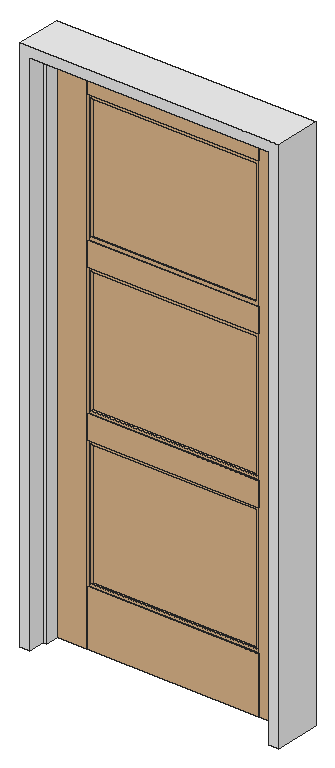
Revit family
Parameters (values of type "1 3/4" Flat Panel")
  URL = "http://www.karonadoor.com"
  Thickness Note = "Do not edit thickness."  # constant formula
  Thickness = 1.774"
  Swing Angle 2D = 90.00°
  SmartBIM Object Version = 1.1  # constant formula
  SmartBIM Object Created By = "Reed Construction Data"  # constant formula
  Rough Width = 0.000"
  Rough Height = 1.750"
  Panel = Panel_K5300_Karona : 1 3/4" - Flat Panel
  Model = "K5300 Mission"  # constant formula
  Manufacturer = "Karona , Inc."  # constant formula
  Detail Door Thickness = 1.750"
  Assembly Code = ""
  Top Rail Height = 5.000"
  Top Rail = Wood, Cherry - Grain Horizontal
  Stile Width = 5.063"
  Stile = Wood, Cherry - Grain Vertical
  Sticking = Wood, Cherry - Grain Vertical
  Middle Rail = Wood, Cherry - Grain Horizontal
  Height = 80.000"
  Wall Closure = (empty or 0)
  Width = 36.000"
  Frame = Metal
  Bottom Rail Height = 8.500"
  Bottom Rail = Wood, Cherry - Grain Horizontal
  95 CSI = "08210"  # constant formula
  04 CSI = "08 14 33"  # constant formula
Types (9): name | Thickness | Rough Height | Panel | Detail Door Thickness
  1 3/4" Flat Panel | 1.774" | 1.750" | Panel_K5300_Karona : 1 3/4" - Flat Panel | 1.750"
  1 3/8" Flat Panel | 1.334" | 0.000" | Panel_K5300_Karona : 1 3/8" - Flat Panel | 1.375"
  2 1/4" Flat Panel | 2.250" | 0.000" | Panel_K5300_Karona : 2 1/4" - Flat Panel | 2.250"
  1 3/4" Glass Panel | 1.774" | 1.750" | Panel_K5300_Karona : 1 3/4" - Glass Panel | 1.750"
  1 3/8" Glass Panel | 1.334" | 0.000" | Panel_K5300_Karona : 1 3/8" - Glass Panel | 1.375"
  2 1/4" Glass Panel | 2.250" | 0.000" | Panel_K5300_Karona : 2 1/4" - Glass | 2.250"
  1 3/4" Raised Panel | 1.774" | 1.750" | Panel_K5300_Karona : 1 3/4" - Raised Panel | 1.750"
  1 3/8" Raised Panel | 1.334" | 0.000" | Panel_K5300_Karona : 1 3/8" - Raised Panel | 1.375"
  2 1/4" Raised Panel | 2.250" | 0.000" | Panel_K5300_Karona : 2 1/4" - Raised Panel | 2.250"
Reference planes (in)
  plane 1 "Center (Front/Back)": y = 0
  plane 2 "Center (Left/Right)": x = 0
  plane 3 "Left": x = -18
  plane 4 "Right": x = 18
  plane 5 "Top": z = 80
  plane 6 "Exterior Edge of Frame": y = 3.5
  plane 7 "Interior Edge of Frame": y = -3.5
  plane 8: y = 1
  plane 9: y = -1
  plane 10 "Opening Left": x = -19.5
  plane 11 "Opening Right": x = 19.5
  plane 12 "Top of Opening": z = 81.5
  plane 13: x = -17.5
Forms (in)
  Sweep 1, solid, material "Metal" <- "Frame"
    path origin (0, 0, 0) x (1, 0, 0) y (0, 0, 1)
      loop
        line (-19.5, 0) -> (-19.5, 81.5) -> (19.5, 81.5) -> (19.5, 0)
    profile origin (-19.5, 0, 40.75) x (-1, 0, 0) y (0, -1, 0)
      loop
        line (0, -3.5) -> (0, 3.5) -> (-1.5, 3.5) -> (-1.5, 1) -> (-2, 1) -> (-2, -1) -> (-1.5, -1) -> (-1.5, -3.5) -> (0, -3.5)
Lines and regions (in)
  Opening 1
    outline origin (-90, -3, 0) x (1, 0, 0) y (0, 0, 1)
      loop
        line (70.5, 0) -> (109.5, 0) -> (109.5, 81.5) -> (70.5, 81.5) -> (70.5, 0)
  symbolic lines, style "Elevation Swing"
    curve 1: line (18, 3, 0) -> (-18, 3, 40)
    curve 2: line (-18, 3, 40) -> (18, 3, 80)
Text (in)
  text "Exterior" at (-46.13199, 20.20143, 0), in view "Ref. Level"
  text "Interior" at (-46.13199, -10.56751, 0), in view "Ref. Level"
  text "Exterior" at (0, 40.15149, 123.01588), in view "Right"
  text "Interior" at (0, -64.39139, 123.01588), in view "Right"
  text "Interior" at (0, -31.01599, 123.00693), in view "Left"
  text "Exterior" at (0, 54.57065, 123.00693), in view "Left"
Dimensions and locks (in)
  "Height": level to plane 5 "Top"
  "Width": plane 3 "Left" to plane 4 "Right"
  equal spacing: host wall, curve 2, plane 5 "Top"
  locked: host wall to plane 7 "Interior Edge of Frame" at 0.5
  locked: plane 6 "Exterior Edge of Frame" to host wall at 0.5
  locked: plane 9 to plane 7 "Interior Edge of Frame" at 2.5
  locked: plane 6 "Exterior Edge of Frame" to plane 8 at 2.5
  equal spacing: plane 3 "Left", plane 2 "Center (Left/Right)", plane 4 "Right"
  locked: plane 4 "Right" to plane 11 "Opening Right" at 1.5
  locked: plane 5 "Top" to plane 12 "Top of Opening" at 1.5
  locked: plane 3 "Left" to plane 13 at 0.5
  locked: plane 10 "Opening Left" to plane 3 "Left" at 1.5
  aligned and locked: Opening 1 sketch curve to level
  aligned and locked: plane 4 "Right" to curve 1
  aligned and locked: plane 3 "Left" to curve 1
  aligned and locked: plane 5 "Top" to curve 2
  aligned and locked: Opening 1 sketch curve to plane 11 "Opening Right"
  aligned and locked: plane 12 "Top of Opening" to Opening 1 sketch curve
  aligned and locked: Opening 1 sketch curve to plane 10 "Opening Left"
  aligned and locked: plane 10 "Opening Left" to Sweep 1 sketch curve
  aligned and locked: plane 12 "Top of Opening" to Sweep 1 sketch curve
  aligned and locked: plane 11 "Opening Right" to Sweep 1 sketch curve
  aligned and locked: level to Sweep 1 sketch curve  (x2)
  aligned and locked: Sweep 1 sketch curve to plane 10 "Opening Left"
  aligned and locked: Sweep 1 sketch curve to plane 6 "Exterior Edge of Frame"
  aligned and locked: Sweep 1 sketch curve to plane 7 "Interior Edge of Frame"
  aligned and locked: Sweep 1 sketch curve to plane 8
  aligned and locked: Sweep 1 sketch curve to plane 9
  aligned and locked: plane 13 to Sweep 1 sketch curve
  aligned and locked: plane 3 "Left" to Sweep 1 sketch curve  (x2)
  aligned and locked: nested 1 to plane 2 "Center (Left/Right)"
  aligned and locked: nested 1 to plane 8
  aligned and locked: nested 2 to plane 3 "Left"
  aligned and locked: nested 2 to plane 8
Automatic sketch dimensions
  curve 1 to level = 0.000"
  curve 2 to plane 4 "Right" = 0.000"
Nested families (in)
  nested 1: "Panel_K5300_Karona" at (-13.5, 0.6575, 0) x (-1, 0, 0) z (0, 0, 1), type <- "Panel", type "1 3/4" - Flat Panel"
    with Stile Width 5.063", Panel Width 25.874"
  nested 2: "Door Panel Plan View" at (-31.5, 1, 0) x (-1, 0, 0) z (0, 0, 1), type "Door Panel Plan View"
    with Thickness 1.750", Height 80.000"
Definition of nested family "Panel_K5300_Karona"
  Parameters (values of type "1 3/4" - Raised Panel")
    Width = 36.000"
    Top Rail Material = Wood, Cherry - Grain Horizontal
    Top Rail Height = 5.000"
    Top Panel Offset = 16.542"
    Thickness Note = "Do not change door thickness"  # constant formula
    Thickness = 1.774"
    Stile Width = 5.063"
    Stile Material = Wood, Cherry - Grain Vertical
    Sticking Material = Wood, Cherry - Grain Vertical
    Panel Width = Width - (2 * Stile Width)  # 25.874"
    Panel Height = (Height - (Bottom Rail Height + Top Rail Height) - (2 * 3.625")) / 3  # 19.750"
    Panel = Glass-Sticking-Assembly-Mission_Karona : Raised Panel
    Mullion Width = 3.625"  # constant formula
    Interior Panel = Wood, Cherry - Grain Vertical
    Height = 80.000"
    Exterior Edge - Glass Bottom Offset = if(Thickness = 1.774", 0.567", if(Thickness = 2.250", 0.803", 0.469"))  # 0.567"
    Door Panel Material = Wood, Cherry - Grain Vertical
    Default Elevation = 0.000"  # constant formula
    Bottom Rail Material = Wood, Cherry - Grain Horizontal
    Bottom Rail Height = 8.500"
    Assembly Code = ""
  Types (9): name | Top Panel Offset | Thickness | Stile Width | Panel Width | Panel | Interior Panel | Exterior Edge - Glass Bottom Offset
    2 1/4" - Flat Panel | 14.875" | 2.250" | 5.250" | 25.500" | Glass-Sticking-Assembly-Mission_Karona : Flat Panel | Wood, Cherry - Grain Vertical | 0.803"
    2 1/4" - Glass | 14.875" | 2.250" | 5.250" | 25.500" | Glass-Sticking-Assembly-Mission_Karona : Glass Panel | Glass | 0.803"
    2 1/4" - Raised Panel | 14.875" | 2.250" | 5.250" | 25.500" | Glass-Sticking-Assembly-Mission_Karona : Raised Panel | Wood, Cherry - Grain Vertical | 0.803"
    1 3/4" - Raised Panel | 16.542" | 1.774" | 5.063" | 25.874" | Glass-Sticking-Assembly-Mission_Karona : Raised Panel | Wood, Cherry - Grain Vertical | 0.567"
    1 3/4" - Flat Panel | 14.875" | 1.774" | 5.250" | 25.500" | Glass-Sticking-Assembly-Mission_Karona : Flat Panel | Wood, Cherry - Grain Vertical | 0.567"
    1 3/4" - Glass Panel | 14.875" | 1.774" | 5.250" | 25.500" | Glass-Sticking-Assembly-Mission_Karona : Glass Panel | Glass | 0.567"
    1 3/8" - Raised Panel | 14.875" | 1.334" | 5.250" | 25.500" | Glass-Sticking-Assembly-Mission_Karona : Raised Panel | Wood, Cherry - Grain Vertical | 0.469"
    1 3/8" - Glass Panel | 14.875" | 1.334" | 5.250" | 25.500" | Glass-Sticking-Assembly-Mission_Karona : Glass Panel | Glass | 0.469"
    1 3/8" - Flat Panel | 14.875" | 1.334" | 5.250" | 25.500" | Glass-Sticking-Assembly-Mission_Karona : Flat Panel | Wood, Cherry - Grain Horizontal | 0.469"
  Reference planes (in)
    plane 1 "Center (Front/Back)": y = 1.2295
    plane 2: z = 0
    plane 3 "Center (Left/Right)": x = -13.5
    plane 4 "Left": x = -31.5
    plane 5: x = 4.5
    plane 6 "Inner Left": x = -26.437
    plane 7 "Inner Right": x = -0.563
    plane 8 "Bottom Of Top Rail": z = 75
    plane 9 "Top": z = 80
    plane 10 "Interior Edge of Door": y = 2.1165
    plane 11: z = 75
    plane 12 "Exterior Edge of Door": y = 0.3425
    plane 13 "Bottom of Glass": y = 0.9095
    plane 14 "Left Panel Vertical Midline": x = -13.5
    plane 15: z = 55.25
    plane 16: z = 51.625
    plane 17: z = 31.875
    plane 18: z = 28.25
    plane 19: z = 8.5
    plane 20: z = 41.75
    plane 21: z = 65.125
    plane 22: z = 18.375
  Forms (in)
    Extrusion 1, solid, material "Wood, Cherry - Grain Horizontal" <- "Bottom Rail Material"
      sketch origin (0, -101.3125, 0) x (1, 0, 0) y (0, 0, 1)
        loop
          line (-26.437, 0) -> (-0.563, 0) -> (-0.563, 8.5) -> (-26.437, 8.5) -> (-26.437, 0)
      from -103.429 to -101.655
    Extrusion 2, solid, material "Wood, Cherry - Grain Vertical" <- "Stile Material"
      sketch origin (0, 1.2295, 0) x (1, 0, 0) y (0, 0, 1)
        loop
          line (-31.5, 80) -> (-31.5, 0) -> (-26.437, 0) -> (-26.437, 80) -> (-31.5, 80)
        loop
          line (-0.563, 0) -> (4.5, 0) -> (4.5, 80) -> (-0.563, 80) -> (-0.563, 0)
      from -0.887 to 0.887
    Extrusion 3, solid, material "Wood, Cherry - Grain Horizontal" <- "Top Rail Material"
      sketch origin (0, 1.2295, 0) x (1, 0, 0) y (0, 0, 1)
        loop
          line (-26.437, 80) -> (-26.437, 75) -> (-0.563, 75) -> (-0.563, 80) -> (-26.437, 80)
      from -0.887 to 0.887
    Extrusion 4, solid, material "Wood, Cherry - Grain Horizontal" <- "Bottom Rail Material"
      sketch origin (0, 1.2295, 0) x (1, 0, 0) y (0, 0, 1)
        loop
          line (-26.437, 55.25) -> (-26.437, 51.625) -> (-0.563, 51.625) -> (-0.563, 55.25) -> (-26.437, 55.25)
        loop
          line (-26.437, 31.875) -> (-26.437, 28.25) -> (-0.563, 28.25) -> (-0.563, 31.875) -> (-26.437, 31.875)
      from -0.887 to 0.887
  Text (in)
    text "EXTERIOR" at (-34.59289, -1.27941, 0), in view "Ref. Level"
    text "EXTERIOR" at (0, -9.65287, 72.76687), in view "Left"
    text "EXTERIOR" at (0, -33.33473, 96.68074), in view "Right"
  Dimensions and locks (in)
    equal spacing: plane 4 "Left", plane 3 "Center (Left/Right)", plane 5
    "Width": plane 4 "Left" to plane 5
    "Stile Width": plane 4 "Left" to plane 6 "Inner Left"
    "Stile Width": plane 5 to plane 7 "Inner Right"
    "Top Rail Height": plane 9 "Top" to plane 8 "Bottom Of Top Rail"
    "Height": plane 9 "Top" to plane 2
    equal spacing: plane 10 "Interior Edge of Door", plane 1 "Center (Front/Back)", plane 12 "Exterior Edge of Door"
    "Thickness": plane 10 "Interior Edge of Door" to plane 12 "Exterior Edge of Door"
    "Exterior Edge - Glass Bottom Offset": plane 13 "Bottom of Glass" to plane 12 "Exterior Edge of Door"
    "Exterior Edge - Glass Bottom Offset": plane 12 "Exterior Edge of Door" to plane 13 "Bottom of Glass"
    "Mullion Width": plane 15 to plane 16
    "Mullion Width": plane 17 to plane 18
    "Bottom Rail Height": plane 19 to level
    "Panel Height": plane 11 to plane 15
    equal spacing: plane 11, plane 21, plane 15
    equal spacing: plane 16, plane 20, plane 17
    equal spacing: plane 18, plane 22, plane 19
    "Panel Height": plane 18 to plane 19
    aligned and locked: Extrusion 1 to plane 2
    aligned and locked: plane 10 "Interior Edge of Door" to Extrusion 1
    aligned and locked: plane 4 "Left" to Extrusion 2 sketch curve
    aligned and locked: Extrusion 2 sketch curve to plane 9 "Top"
    aligned and locked: Extrusion 2 sketch curve to Extrusion 1  (x3)
    aligned and locked: Extrusion 1 to Extrusion 2 sketch curve
    aligned and locked: plane 9 "Top" to Extrusion 2 sketch curve
    aligned and locked: plane 5 to Extrusion 2 sketch curve
    aligned and locked: plane 10 "Interior Edge of Door" to Extrusion 2
    aligned and locked: Extrusion 2 to Extrusion 3 sketch curve
    aligned and locked: Extrusion 3 sketch curve to Extrusion 2
    aligned and locked: plane 10 "Interior Edge of Door" to Extrusion 3
    aligned and locked: plane 11 to plane 8 "Bottom Of Top Rail"
    aligned and locked: level to plane 2
    aligned and locked: Extrusion 3 to plane 12 "Exterior Edge of Door"
    aligned and locked: Extrusion 3 to plane 10 "Interior Edge of Door"
    aligned and locked: Extrusion 2 to plane 12 "Exterior Edge of Door"
    aligned and locked: Extrusion 3 to plane 11
    aligned and locked: Extrusion 1 to Extrusion 2
    aligned and locked: nested 1 to plane 1 "Center (Front/Back)"
    aligned and locked: nested 1 to plane 14 "Left Panel Vertical Midline"
    aligned and locked: plane 14 "Left Panel Vertical Midline" to nested 2
    aligned and locked: plane 14 "Left Panel Vertical Midline" to nested 3
    aligned and locked: nested 1 to plane 19
    aligned and locked: Extrusion 4 sketch curve to plane 15
    aligned and locked: Extrusion 4 sketch curve to plane 16
    aligned and locked: Extrusion 4 sketch curve to plane 6 "Inner Left"
    aligned and locked: Extrusion 4 sketch curve to plane 7 "Inner Right"  (x2)
    aligned and locked: plane 10 "Interior Edge of Door" to Extrusion 4
    aligned and locked: Extrusion 4 to plane 12 "Exterior Edge of Door"
    aligned and locked: plane 21 to nested 2
    aligned and locked: plane 20 to nested 3
    aligned and locked: Extrusion 4 sketch curve to plane 17
    aligned and locked: plane 18 to Extrusion 4 sketch curve
    aligned and locked: plane 6 "Inner Left" to Extrusion 4 sketch curve
    aligned and locked: plane 19 to Extrusion 1
  Automatic sketch dimensions
    Extrusion 1 sketch curve to plane 6 "Inner Left" = 0.000"
    Extrusion 1 sketch curve to plane 7 "Inner Right" = 0.000"
    Extrusion 1 sketch curve to level = 0.000"
    Extrusion 3 sketch curve to plane 7 "Inner Right" = 0.000"
    plane 8 "Bottom Of Top Rail" to Extrusion 3 sketch curve = 0.000"
    level to Extrusion 1 sketch curve = 8.500"
  Nested families (in)
    nested 1: "Glass-Sticking-Assembly-Mission_Karona" at (-13.96875, 1.38, 8.5), Width <- "Panel Width", Height <- "Panel Height", type <- "Panel", type "Raised Panel"
      with Width 25.874", Height 19.750", Door Thickness 1.774", C 0.200", B 0.567", A 0.197"
    nested 2: "Glass-Sticking-Assembly-Mission_Karona" at (-13.96875, 1.382, 55.25), Width <- "Panel Width", Height <- "Panel Height", type <- "Panel", type "Raised Panel"
      with Width 25.874", Height 19.750", Door Thickness 1.774", C 0.200", B 0.567", A 0.197"
    nested 3: "Glass-Sticking-Assembly-Mission_Karona" at (-13.96875, 1.3804, 31.875), Width <- "Panel Width", Height <- "Panel Height", type <- "Panel", type "Raised Panel"
      with Width 25.874", Height 19.750", Door Thickness 1.774", C 0.200", B 0.567", A 0.197"
  Definition of nested family "Glass-Sticking-Assembly-Mission_Karona"
    Parameters (values of type "Glass Panel")
      Width [instance] = 19.000"
      Stop Adjustment = if(and(not(Glass Panel), Door Thickness = 1.774"), 0.513", if(and(not(Glass Panel), Door Thickness = 2.250"), 0.513", if((Glass Panel), 0.125", 0.273")))  # 0.125"
      Profile = Wood, Cherry - Grain Vertical
      Height [instance] = 23.000"
      Raised Panel = no
      Interior Panel = Wood, Cherry - Grain Vertical
      Glass Panel = yes
      Door Thickness = 2.250"
      C = if(Door Thickness = 1.774", 0.200", if(Door Thickness = 2.250", 0.439", 0.191"))  # 0.439"
      B = if(Door Thickness = 1.774", 0.567", if(Door Thickness = 2.250", 0.803", 0.469"))  # 0.803"
      Assembly Code = ""
      A = if(Door Thickness = 1.774", 0.197", if(Door Thickness = 2.250", 0.433", 0.194"))  # 0.433"
    Types (3): name | Width | Stop Adjustment | Height | Raised Panel | Glass Panel | Door Thickness | C | B | A
      Glass Panel | 19.000" | 0.125" | 23.000" | no | yes | 2.250" | 0.439" | 0.803" | 0.433"
      Flat Panel | 4.500" | 0.273" | 23.000" | no | no | 1.334" | 0.191" | 0.469" | 0.194"
      Raised Panel | 4.000" | 0.513" | 4.000" | yes | no | 2.250" | 0.439" | 0.803" | 0.433"
    Reference planes (in)
      plane 1 "Stop Adjustment Edge": y = -0.3455
      plane 2: z = 0
      plane 3 "Center (Left/Right)": x = 0.46875
      plane 4 "Back": y = 0.9765
      plane 5 "Front": y = -1.2735
      plane 6 "Left": x = -9.03125
      plane 7 "Right": x = 9.96875
      plane 8 "Top": z = 23
      plane 9 "Center (Up/Down)": z = 11.5
      plane 10 "Bottom of Stop": y = -0.2205
      plane 11 "Bottom of Glass": y = -0.4705
      plane 12 "Right Edge of Glass": x = 9.91875
      plane 13 "Left Edge of Glass": x = -8.98125
      plane 14 "Top Edge of Glass": z = 22.90625
      plane 15 "Bottom Edge of Glass": z = 0.09375
      plane 16: x = 9.84375
      plane 17: x = 9.40625
      plane 18 "A": y = -0.8405
      plane 19 "C": y = 0.5375
      plane 20: z = 0.438
      plane 21: z = 22.562
      plane 22: x = -8.59325
      plane 23: x = 9.53075
      plane 24 "Center (Front/Back)": y = -0.1485
    Forms (in)
      Sweep 1, solid, material "Wood, Cherry - Grain Vertical" <- "Profile"
        path origin (0, -0.3455, 0) x (1, 0, 0) y (0, 0, 1)
          loop
            line (9.96875, 23) -> (-9.03125, 23) -> (-9.03125, 0) -> (9.96875, 0) -> (9.96875, 23)
        profile origin (9.96875, -0.3455, 11.5) x (0, -1, 0) y (1, 0, 0)
          loop
            line (-0.883, 0) -> (-0.883, -0.438) -> (-0.125, -0.438) -> (-0.125, -0.05) -> (0.125, -0.05) -> (0.125, -0.438) -> (0.495, -0.438) -> (0.495, 0) -> (-0.883, 0)
      Extrusion 2, solid, material "Wood, Cherry - Grain Vertical" <- "Interior Panel"
        sketch origin (0, 0, 0) x (1, 0, 0) y (0, 1, 0)
          loop
            line (-8.98125, -0.2205) -> (-8.98125, -0.4705) -> (9.91875, -0.4705) -> (9.91875, -0.2205) -> (-8.98125, -0.2205)
        from 0.09375 to 22.90625
      Extrusion 3, solid, material "Wood, Cherry - Grain Vertical" <- "Profile", visible <- "Raised Panel"
        sketch origin (0, 0, 0) x (1, 0, 0) y (0, 1, 0)
          loop
            line (9.53075, 0.5375) -> (-8.59325, 0.5375) -> (-8.59325, -0.2205) -> (9.53075, -0.2205) -> (9.53075, 0.5375)
          loop
            line (-8.59325, -0.4705) -> (-8.59325, -0.8405) -> (9.53075, -0.8405) -> (9.53075, -0.4705) -> (-8.59325, -0.4705)
        from 0.438 to 22.562
      Sweep 4, void
        path origin (0, -0.2205, 0) x (-1, 0, 0) y (0, 0, 1)
          loop
            line (9.03125, 0) -> (9.03125, 23) -> (-9.96875, 23) -> (-9.96875, 0) -> (9.03125, 0)
        profile "Profile : 05" origin (-9.03125, -0.2205, 11.5) x (1, 0, 0) y (0, 1, 0)
          loop
            line (0, 0.05) -> (0.36169, 0.05096)
            arc (0.36169, 0.05096) -> (1.01257, 0.13642) -> (1.61934, 0.387) r 2.52143
            line (1.61934, 0.387) -> (0, 0.387) -> (0, 0.05)
      Sweep 5, void
        path origin (0, -0.4705, 0) x (-1, 0, 0) y (0, 0, 1)
          loop
            line (-9.96875, 23) -> (-9.96875, 0) -> (9.03125, 0) -> (9.03125, 23) -> (-9.96875, 23)
        profile "Profile : 05" origin (9.96875, -0.4705, 11.5) x (-1, 0, 0) y (0, 1, 0)
          loop
            line (0, -0.05) -> (0, -0.387) -> (1.61934, -0.387)
            arc (1.61934, -0.387) -> (1.01257, -0.13642) -> (0.36169, -0.05096) r 2.52143
            line (0.36169, -0.05096) -> (0, -0.05)
    Cuts and joins
      Sweep 4, Sweep 5 cuts Extrusion 3
    Text (in)
      text "INTERIOR" at (-14.3788, 3.49864, 0), in view "Ref. Level"
    Dimensions and locks (in)
      equal spacing: plane 6 "Left", plane 3 "Center (Left/Right)", plane 7 "Right"
      "Width": plane 6 "Left" to plane 7 "Right"
      "Door Thickness": plane 4 "Back" to plane 5 "Front"
      "Height": plane 8 "Top" to plane 2
      equal spacing: plane 8 "Top", plane 9 "Center (Up/Down)", level
      locked: plane 1 "Stop Adjustment Edge" to plane 11 "Bottom of Glass" at 0.125
      "Stop Adjustment": plane 10 "Bottom of Stop" to plane 1 "Stop Adjustment Edge"
      locked: plane 12 "Right Edge of Glass" to plane 7 "Right" at 0.05
      locked: plane 8 "Top" to plane 14 "Top Edge of Glass" at 0.09375
      locked: plane 15 "Bottom Edge of Glass" to level at 0.09375
      locked: plane 6 "Left" to plane 13 "Left Edge of Glass" at 0.05
      "B": plane 5 "Front" to plane 11 "Bottom of Glass"
      locked: plane 16 to plane 7 "Right" at 0.125
      "A": plane 5 "Front" to plane 18 "A"
      "C": plane 19 "C" to plane 4 "Back"
      plane 4 "Back" to Sweep 1 = 1.197"
      locked: plane 20 to level at 0.438
      locked: plane 8 "Top" to plane 21 at 0.438
      locked: plane 6 "Left" to plane 22 at 0.438
      locked: plane 23 to plane 7 "Right" at 0.438
      equal spacing: plane 4 "Back", plane 24 "Center (Front/Back)", plane 5 "Front"
      aligned and locked: Sweep 1 sketch curve to plane 7 "Right"
      aligned and locked: Sweep 1 sketch curve to plane 8 "Top"
      aligned and locked: Sweep 1 sketch curve to plane 6 "Left"
      aligned and locked: Sweep 1 sketch curve to level
      aligned and locked: plane 7 "Right" to Sweep 1 sketch curve
      aligned and locked: plane 10 "Bottom of Stop" to Sweep 1 sketch curve
      aligned and locked: plane 11 "Bottom of Glass" to Sweep 1 sketch curve
      aligned and locked: plane 18 "A" to Sweep 1 sketch curve
      aligned and locked: Sweep 1 sketch curve to plane 19 "C"
      aligned and locked: Extrusion 2 sketch curve to plane 13 "Left Edge of Glass"
      aligned and locked: Extrusion 2 sketch curve to plane 10 "Bottom of Stop"
      aligned and locked: Extrusion 2 sketch curve to plane 11 "Bottom of Glass"
      aligned and locked: Extrusion 2 sketch curve to plane 12 "Right Edge of Glass"
      aligned and locked: plane 14 "Top Edge of Glass" to Extrusion 2
      aligned and locked: Extrusion 2 to plane 15 "Bottom Edge of Glass"
      aligned and locked: Extrusion 3 sketch curve to plane 19 "C"
      aligned and locked: Extrusion 3 sketch curve to plane 10 "Bottom of Stop"
      aligned and locked: Extrusion 3 sketch curve to plane 11 "Bottom of Glass"
      aligned and locked: Extrusion 3 sketch curve to plane 18 "A"
      aligned and locked: Extrusion 3 to plane 20
      aligned and locked: Extrusion 3 to plane 21
      aligned and locked: plane 12 "Right Edge of Glass" to Sweep 1 sketch curve
      aligned and locked: plane 23 to Extrusion 3 sketch curve  (x2)
      aligned and locked: Extrusion 3 sketch curve to plane 22  (x2)
      aligned and locked: plane 23 to Sweep 1 sketch curve  (x2)
      aligned and locked: Sweep 5 sketch curve to plane 6 "Left"
      aligned and locked: plane 8 "Top" to Sweep 5 sketch curve
      aligned and locked: Sweep 5 sketch curve to plane 7 "Right"
      aligned and locked: level to Sweep 5 sketch curve
      aligned and locked: Sweep 4 sketch curve to plane 7 "Right"
      aligned and locked: plane 8 "Top" to Sweep 4 sketch curve
      aligned and locked: Sweep 4 sketch curve to plane 6 "Left"
      aligned and locked: level to Sweep 4 sketch curve
Definition of nested family "Door Panel Plan View"
  Parameters (values of type "Door Panel Plan View")
    Width = 36.000"
    Thickness = 2.000"
    Swing Angle 2D = 90.00°
    Height = 0.000"
    Assembly Code = ""
  Reference planes (in)
    plane 1 "Center (Front/Back)": y = 0
    plane 2: z = 0
    plane 3 "Center (Left/Right)": x = -13.5
  Lines and regions (in)
    symbolic lines, style "DoorsPanelProjection"
      curve 1: line (-13.5, 0, 0) -> (-13.5, 36, 0)
      curve 2: line (-15.5, 0, 0) -> (-15.5, 36, 0)
      curve 3: line (-13.5, 0, 0) -> (-15.5, 0, 0)
      curve 4: line (-13.5, 36, 0) -> (-15.5, 36, 0)
    symbolic lines, style "Plan Swing"
      curve 5: arc (-13.5, 36, 0) -> (-38.95584, 25.45584, 0) -> (-49.5, 0, 0) r 36
  Dimensions and locks (in)
    "Width": curve 4 to curve 3
    "Thickness": curve 1 to curve 2
    "Swing Angle 2D": angle curve 1 to plane 1 "Center (Front/Back)"
    aligned and locked: plane 1 "Center (Front/Back)" to curve 5
  Automatic sketch dimensions
    curve 3 to plane 1 "Center (Front/Back)" = 0.000"
    curve 5 to plane 3 "Center (Left/Right)" = 0.000"
    curve 3 to plane 3 "Center (Left/Right)" = 0.000"
